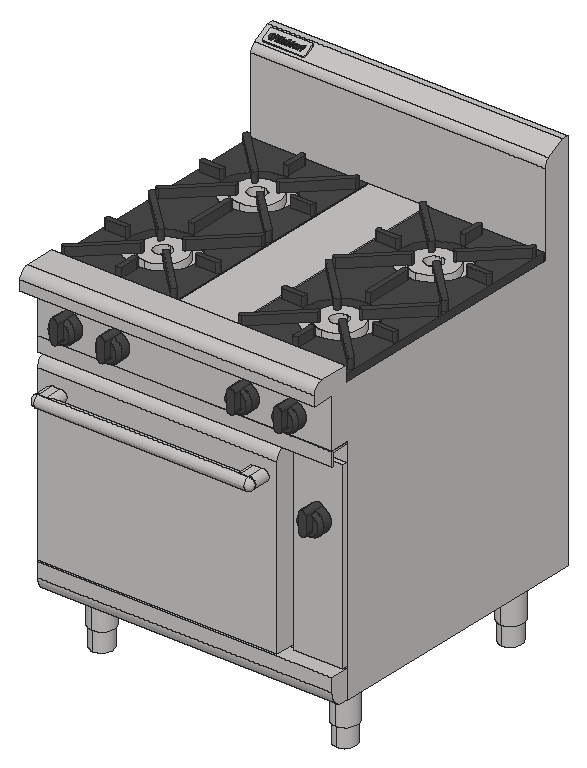
Revit family "QF_MOFFAT WALDORF_RN8510GC", category Specialty Equipment, Revit 2012 (continued)
Lines and regions (mm)
  symbolic lines
    curve 164: arc (375, -583.037, 0) -> (367, -591.037, 0) -> (375, -599.037, 0) r 8
    curve 165: arc (422.424, -599.037, 0) -> (430.424, -591.037, 0) -> (422.424, -583.037, 0) r 8
    curve 166: arc (422.424, -583.037, 0) -> (414.424, -591.037, 0) -> (422.424, -599.037, 0) r 8
    curve 167: arc (327.576, -633.037, 0) -> (335.576, -625.037, 0) -> (327.576, -617.037, 0) r 8
    curve 168: arc (327.576, -617.037, 0) -> (319.576, -625.037, 0) -> (327.576, -633.037, 0) r 8
    curve 169: arc (375, -633.037, 0) -> (383, -625.037, 0) -> (375, -617.037, 0) r 8
    curve 170: arc (375, -617.037, 0) -> (367, -625.037, 0) -> (375, -633.037, 0) r 8
    curve 171: arc (422.424, -633.037, 0) -> (430.424, -625.037, 0) -> (422.424, -617.037, 0) r 8
    curve 172: arc (422.424, -617.037, 0) -> (414.424, -625.037, 0) -> (422.424, -633.037, 0) r 8
    curve 173: arc (327.576, -667.037, 0) -> (335.576, -659.037, 0) -> (327.576, -651.037, 0) r 8
    curve 174: arc (327.576, -651.037, 0) -> (319.576, -659.037, 0) -> (327.576, -667.037, 0) r 8
    curve 175: arc (375, -667.037, 0) -> (383, -659.037, 0) -> (375, -651.037, 0) r 8
    curve 176: arc (375, -651.037, 0) -> (367, -659.037, 0) -> (375, -667.037, 0) r 8
    curve 177: arc (422.424, -667.037, 0) -> (430.424, -659.037, 0) -> (422.424, -651.037, 0) r 8
    curve 178: arc (422.424, -651.037, 0) -> (414.424, -659.037, 0) -> (422.424, -667.037, 0) r 8
    curve 179: arc (600, -180.5, 0) -> (657, -237.5, 0) -> (600, -294.5, 0) r 57
    curve 180: arc (600, -294.5, 0) -> (543, -237.5, 0) -> (600, -180.5, 0) r 57
    curve 181: arc (600, -480.5, 0) -> (657, -537.5, 0) -> (600, -594.5, 0) r 57
    curve 182: arc (600, -594.5, 0) -> (543, -537.5, 0) -> (600, -480.5, 0) r 57
    curve 183: line (744.158, -93.966, 0) -> (628.964, -209.16, 0)
    curve 184: line (599.967, -91.33, 0) -> (599.967, -152.5, 0)
    curve 185: line (745.74, -237.366, 0) -> (685.74, -237.366, 0)
    curve 186: line (628.879, -265.113, 0) -> (743.415, -379.648, 0)
    curve 187: line (572.204, -265.64, 0) -> (462.603, -375.241, 0)
    curve 188: line (573.212, -209.684, 0) -> (463.528, -100, 0)
    curve 189: line (744.158, -681.034, 0) -> (628.964, -565.84, 0)
    curve 190: line (600.012, -683.67, 0) -> (600.012, -622.768, 0)
    curve 191: line (745.74, -537.634, 0) -> (685.74, -537.634, 0)
    curve 192: line (628.879, -509.887, 0) -> (743.415, -395.352, 0)
    curve 193: line (572.204, -509.36, 0) -> (465.344, -402.5, 0)
    curve 194: line (600.012, -452.768, 0) -> (600.012, -334.397, 0)
    curve 195: line (573.212, -565.316, 0) -> (463.611, -674.918, 0)
    curve 196: line (750, -387.5, 0) -> (450, -387.5, 0)
    curve 197: line (454.26, -237.366, 0) -> (514.26, -237.366, 0)
    curve 198: line (454.26, -537.634, 0) -> (514.26, -537.634, 0)
    curve 199: line (295.74, -237.366, 0) -> (235.74, -237.366, 0)
    curve 200: line (295.74, -537.634, 0) -> (235.74, -537.634, 0)
    curve 201: line (474.555, -20.984, 0) -> (454.555, -20.984, 0)
    curve 202: line (454.555, -20.984, 0) -> (454.555, -50.782, 0)
    curve 203: line (454.555, -50.782, 0) -> (474.555, -50.782, 0)
    curve 204: line (474.555, -50.782, 0) -> (474.555, -20.984, 0)
    curve 205: line (502.184, -20.984, 0) -> (482.184, -20.984, 0)
    curve 206: line (482.184, -20.984, 0) -> (482.184, -50.782, 0)
    curve 207: line (482.184, -50.782, 0) -> (502.184, -50.782, 0)
    curve 208: line (502.184, -50.782, 0) -> (502.184, -20.984, 0)
    curve 209: line (529.599, -20.984, 0) -> (509.599, -20.984, 0)
    curve 210: line (509.599, -20.984, 0) -> (509.599, -50.782, 0)
    curve 211: line (509.599, -50.782, 0) -> (529.599, -50.782, 0)
    curve 212: line (529.599, -50.782, 0) -> (529.599, -20.984, 0)
    curve 213: line (557.014, -20.984, 0) -> (537.014, -20.984, 0)
    curve 214: line (537.014, -20.984, 0) -> (537.014, -50.782, 0)
    curve 215: line (537.014, -50.782, 0) -> (557.014, -50.782, 0)
    curve 216: line (557.014, -50.782, 0) -> (557.014, -20.984, 0)
    curve 217: line (584.429, -20.984, 0) -> (564.429, -20.984, 0)
    curve 218: line (564.429, -20.984, 0) -> (564.429, -50.782, 0)
    curve 219: line (564.429, -50.782, 0) -> (584.429, -50.782, 0)
    curve 220: line (584.429, -50.782, 0) -> (584.429, -20.984, 0)
    curve 221: line (611.843, -20.984, 0) -> (591.843, -20.984, 0)
    curve 222: line (591.843, -20.984, 0) -> (591.843, -50.782, 0)
    curve 223: line (591.843, -50.782, 0) -> (611.843, -50.782, 0)
    curve 224: line (611.843, -50.782, 0) -> (611.843, -20.984, 0)
    curve 225: line (300, -70, 0) -> (300, -704, 0)
    curve 226: line (450, -74, 0) -> (450, -701, 0)
    curve 230: arc (150.016, -152.5, 0) -> (235.016, -237.5, 0) -> (150.016, -322.5, 0) r 85
    curve 231: arc (150.016, -322.5, 0) -> (65.016, -237.5, 0) -> (150.016, -152.5, 0) r 85
    curve 232: arc (149.988, -452.768, 0) -> (234.988, -537.768, 0) -> (149.988, -622.768, 0) r 85
    curve 233: arc (149.988, -622.768, 0) -> (64.988, -537.768, 0) -> (149.988, -452.768, 0) r 85
    curve 234: arc (599.967, -322.5, 0) -> (514.967, -237.5, 0) -> (599.967, -152.5, 0) r 85
    curve 235: arc (599.967, -152.5, 0) -> (684.967, -237.5, 0) -> (599.967, -322.5, 0) r 85
    curve 236: arc (600.012, -622.768, 0) -> (515.012, -537.768, 0) -> (600.012, -452.768, 0) r 85
    curve 237: arc (600.012, -452.768, 0) -> (685.012, -537.768, 0) -> (600.012, -622.768, 0) r 85
    curve 238: arc (150, -215.5, 150) -> (172, -237.5, 150) -> (150, -259.5, 150) r 22
    curve 239: arc (150, -259.5, 150) -> (128, -237.5, 150) -> (150, -215.5, 150) r 22
    curve 240: arc (600, -259.5, 150) -> (578, -237.5, 150) -> (600, -215.5, 150) r 22
    curve 241: arc (600, -215.5, 150) -> (622, -237.5, 150) -> (600, -259.5, 150) r 22
    curve 242: arc (600, -515.5, 150) -> (622, -537.5, 150) -> (600, -559.5, 150) r 22
    curve 243: arc (600, -559.5, 150) -> (578, -537.5, 150) -> (600, -515.5, 150) r 22
    curve 244: arc (150, -515.5, 150) -> (172, -537.5, 150) -> (150, -559.5, 150) r 22
    curve 245: arc (150, -559.5, 150) -> (128, -537.5, 150) -> (150, -515.5, 150) r 22
  symbolic lines, visible <- "Show Logo"
    curve 5: line (12.5, -51.234, 0) -> (12.5, -20.958, 0)
    curve 6: line (12.5, -20.958, 0) -> (121.5, -20.958, 0)
    curve 7: line (12.5, -51.234, 0) -> (121.5, -51.234, 0)
    curve 8: line (121.5, -20.958, 0) -> (121.5, -51.234, 0)
  symbolic lines, style "QF_Door-Drawer Clearances", visible <- "Show Clearance"
    curve 227: line (0, -805, 0) -> (0, -1211.516, 0)
    curve 228: line (0, -1211.516, 0) -> (610, -1211.516, 0)
    curve 229: line (610, -1211.516, 0) -> (610, -805, 0)
Dimensions and locks
  equal spacing: plane 3 "LEFT", plane 7 "Center Y", plane 4 "RIGHT"
  plane 3 "LEFT" to plane 4 "RIGHT" = 750 mm
  equal spacing: plane 5 "FRONT", plane 8 "Center X", plane 1 "BACK"
  plane 5 "FRONT" to plane 1 "BACK" = 805 mm  (x2)
  equal spacing: plane 4 "RIGHT", plane 7 "Center Y", plane 3 "LEFT"
  plane 4 "RIGHT" to plane 3 "LEFT" = 750 mm
  plane 6 "TOP" to level = 1130 mm  (x2)
  Extrusion 2 to level = 655 mm
  Extrusion 2 to plane 1 "BACK" = 32 mm
  Extrusion 1 to level = 915 mm
  plane 10 "Base Height" to level = 150 mm
  plane 6 "TOP" to plane 2 = 1130 mm
  locked: plane 2 to Extrusion 1 sketch curve at 875
  locked: plane 2 to Extrusion 1 sketch curve at 915
  Extrusion 4 sketch curve to plane 11 = 64.8 mm
  locked: plane 13 to plane 4 "RIGHT" at 65
  plane 14 to Extrusion 9 sketch curve = 64.8 mm
  plane 1 "BACK" to plane 15 = 500 mm
  aligned and locked: level to plane 2
  aligned and locked: curve 3 to plane 4 "RIGHT"
  aligned and locked: Extrusion 1 to plane 4 "RIGHT"
  aligned and locked: Revolve 6 to plane 13
  aligned and locked: Extrusion 7 to Extrusion 4
Automatic sketch dimensions
  curve 30 to curve 31 = 0 mm  (x2)
  curve 32 to curve 33 = 0 mm  (x2)
  curve 77 to curve 78 = 0 mm  (x2)
  curve 79 to curve 80 = 0 mm  (x2)
  curve 81 to curve 82 = 0 mm  (x2)
  curve 83 to curve 84 = 0 mm  (x2)
  curve 85 to curve 86 = 0 mm  (x2)
  curve 87 to curve 88 = 0 mm  (x2)
  curve 89 to curve 90 = 0 mm  (x2)
  curve 91 to curve 92 = 0 mm  (x2)
  curve 93 to curve 94 = 0 mm  (x2)
  curve 95 to curve 96 = 0 mm  (x2)
  curve 97 to curve 98 = 0 mm  (x2)
  curve 99 to curve 100 = 0 mm  (x2)
  curve 101 to curve 102 = 0 mm  (x2)
  curve 103 to curve 104 = 0 mm  (x2)
  curve 105 to curve 106 = 0 mm  (x2)
  curve 107 to curve 108 = 0 mm  (x2)
  curve 109 to curve 110 = 0 mm  (x2)
  curve 111 to curve 112 = 0 mm  (x2)
  curve 113 to curve 114 = 0 mm  (x2)
  curve 115 to curve 116 = 0 mm  (x2)
  curve 117 to curve 118 = 0 mm  (x2)
  curve 119 to curve 120 = 0 mm  (x2)
  curve 121 to curve 122 = 0 mm  (x2)
  curve 123 to curve 124 = 0 mm  (x2)
  curve 125 to curve 126 = 0 mm  (x2)
  curve 127 to curve 128 = 0 mm  (x2)
  curve 129 to curve 130 = 0 mm  (x2)
  curve 131 to curve 132 = 0 mm  (x2)
  curve 133 to curve 134 = 0 mm  (x2)
  curve 135 to curve 136 = 0 mm  (x2)
  curve 137 to curve 138 = 0 mm  (x2)
  curve 139 to curve 140 = 0 mm  (x2)
  curve 141 to curve 142 = 0 mm  (x2)
  curve 143 to curve 144 = 0 mm  (x2)
  curve 145 to curve 146 = 0 mm  (x2)
  curve 147 to curve 148 = 0 mm  (x2)
  curve 149 to curve 150 = 0 mm  (x2)
  curve 151 to curve 152 = 0 mm  (x2)
  curve 153 to curve 154 = 0 mm  (x2)
  curve 155 to curve 156 = 0 mm  (x2)
  curve 157 to curve 158 = 0 mm  (x2)
  curve 159 to curve 160 = 0 mm  (x2)
  curve 161 to curve 162 = 0 mm  (x2)
  curve 163 to curve 164 = 0 mm  (x2)
  curve 165 to curve 166 = 0 mm  (x2)
  curve 167 to curve 168 = 0 mm  (x2)
  curve 169 to curve 170 = 0 mm  (x2)
  curve 171 to curve 172 = 0 mm  (x2)
  curve 173 to curve 174 = 0 mm  (x2)
  curve 175 to curve 176 = 0 mm  (x2)
  curve 177 to curve 178 = 0 mm  (x2)
  curve 179 to curve 180 = 0 mm  (x2)
  curve 181 to curve 182 = 0 mm  (x2)
  curve 230 to curve 231 = 0 mm  (x2)
  curve 232 to curve 233 = 0 mm  (x2)
  curve 234 to curve 235 = 0 mm  (x2)
  curve 236 to curve 237 = 0 mm  (x2)
  plane 1 "BACK" to curve 1 = 0 mm
  curve 1 to plane 3 "LEFT" = 0 mm
  curve 44 to plane 8 "Center X" = 0 mm
  curve 39 to plane 9 = 0 mm
  curve 109 to plane 7 "Center Y" = 0 mm
  curve 158 to plane 7 "Center Y" = 0 mm
  curve 103 to plane 7 "Center Y" = 0 mm
  curve 163 to plane 7 "Center Y" = 0 mm
  curve 115 to plane 7 "Center Y" = 0 mm
  curve 98 to plane 7 "Center Y" = 0 mm
  curve 92 to plane 7 "Center Y" = 0 mm
  curve 121 to plane 7 "Center Y" = 0 mm
  curve 152 to plane 7 "Center Y" = 0 mm
  curve 169 to plane 7 "Center Y" = 0 mm
  curve 127 to plane 7 "Center Y" = 0 mm
  curve 86 to plane 7 "Center Y" = 0 mm
  curve 80 to plane 7 "Center Y" = 0 mm
  curve 133 to plane 7 "Center Y" = 0 mm
  curve 146 to plane 7 "Center Y" = 0 mm
  curve 175 to plane 7 "Center Y" = 0 mm
  curve 139 to plane 7 "Center Y" = 0 mm
  curve 188 to plane 9 = 0 mm
  curve 193 to plane 8 "Center X" = 0 mm
  plane 5 "FRONT" to curve 229 = 0 mm
  plane 3 "LEFT" to curve 36 = 4.26 mm
  plane 3 "LEFT" to curve 42 = 4.26 mm
  plane 3 "LEFT" to curve 34 = 5.842 mm
  plane 3 "LEFT" to curve 40 = 5.842 mm
  plane 3 "LEFT" to curve 43 = 6.585 mm
  plane 3 "LEFT" to curve 37 = 6.585 mm
  plane 3 "LEFT" to curve 7 = 12.5 mm
  curve 42 to curve 42 = 60 mm
  curve 36 to curve 36 = 60 mm
  curve 36 to curve 34 = 56.776 mm
  curve 40 to plane 17 = 59.16 mm
  curve 42 to curve 40 = 56.776 mm
  curve 43 to plane 15 = 9.887 mm
  curve 40 to curve 43 = 0.085 mm
  curve 34 to curve 37 = 0.085 mm
  plane 9 to curve 8 = 48.766 mm
  curve 5 to curve 8 = 109 mm
  curve 7 to curve 10 = 6.5 mm
  curve 10 to curve 13 = 20 mm
  curve 41 to plane 17 = 2.232 mm
  curve 40 to curve 41 = 28.952 mm
  curve 45 to curve 33 = 0.012 mm
  curve 34 to curve 31 = 28.964 mm
  curve 31 to curve 231 = 0.016 mm
  curve 12 to curve 17 = 6.789 mm
  curve 14 to curve 15 = 20 mm
  curve 231 to curve 39 = 26.771 mm
  curve 46 to plane 17 = 59.684 mm
  curve 233 to curve 46 = 26.8 mm
  curve 231 to curve 38 = 27.779 mm
  curve 44 to plane 15 = 9.36 mm
  curve 32 to curve 44 = 27.796 mm
  curve 15 to curve 18 = 7.678 mm
  curve 20 to curve 20 = 20 mm
  curve 19 to curve 23 = 6.624 mm
  curve 23 to curve 25 = 20 mm
  curve 24 to curve 27 = 6.624 mm
  curve 44 to curve 200 = 57.944 mm
  curve 38 to curve 199 = 57.944 mm
  curve 27 to curve 29 = 20 mm
  curve 28 to curve 51 = 6.936 mm
  curve 49 to curve 49 = 20 mm
  curve 44 to plane 7 "Center Y" = 90.344 mm
  curve 46 to plane 7 "Center Y" = 88.611 mm
  curve 51 to curve 39 = 3.82 mm
  plane 8 "Center X" to curve 38 = 27.259 mm
  curve 44 to curve 38 = 2.741 mm
  curve 49 to curve 53 = 7.415 mm
  curve 199 to curve 199 = 60 mm
  curve 200 to curve 200 = 60 mm
  curve 38 to curve 48 = 12.603 mm
  curve 54 to curve 55 = 20 mm
  curve 53 to curve 57 = 7.415 mm
  plane 15 to curve 144 = 10.963 mm
  curve 144 to curve 145 = 47.424 mm
  curve 161 to curve 163 = 47.424 mm
  curve 107 to curve 109 = 47.424 mm
  curve 138 to curve 143 = 0 mm
  curve 77 to plane 9 = 15.037 mm
  curve 39 to curve 77 = 41.104 mm
  curve 149 to curve 143 = 0 mm
  curve 132 to curve 137 = 0 mm
  curve 46 to curve 174 = 41.187 mm
  curve 83 to curve 77 = 0 mm
  plane 8 "Center X" to curve 126 = 7.463 mm
  curve 126 to curve 131 = 0 mm
  curve 89 to curve 83 = 0 mm
  curve 120 to curve 125 = 0 mm
  plane 17 to curve 168 = 8.037 mm
  curve 168 to curve 173 = 0 mm
  curve 95 to curve 89 = 0 mm
  curve 155 to curve 161 = 0 mm
  curve 114 to curve 119 = 0 mm
  curve 101 to curve 95 = 0 mm
  curve 58 to curve 59 = 20 mm
  curve 57 to curve 62 = 7.415 mm
  curve 63 to plane 7 "Center Y" = 10.104 mm
  curve 65 to plane 7 "Center Y" = 2.689 mm
  plane 7 "Center Y" to curve 65 = 17.311 mm
  curve 65 to curve 70 = 7.415 mm
  curve 70 to curve 71 = 20 mm
  plane 15 to curve 147 = 2.963 mm
  plane 7 "Center Y" to curve 147 = 47.424 mm
  curve 135 to plane 8 "Center X" = 18.537 mm
  plane 7 "Center Y" to curve 135 = 47.424 mm
  plane 8 "Center X" to curve 130 = 7.463 mm
  curve 130 to curve 135 = 0 mm
  curve 124 to curve 129 = 0 mm
  curve 153 to curve 147 = 0 mm
  curve 118 to curve 123 = 0 mm
  curve 112 to curve 117 = 0 mm
  curve 159 to curve 153 = 0 mm
  curve 106 to curve 111 = 0 mm
  curve 100 to curve 105 = 0 mm
  curve 165 to curve 159 = 0 mm
  curve 94 to curve 99 = 0 mm
  curve 88 to curve 93 = 0 mm
  plane 17 to curve 171 = 0.037 mm
  curve 171 to curve 165 = 0 mm
  curve 82 to curve 87 = 0 mm
  curve 141 to curve 147 = 0 mm
  curve 177 to curve 171 = 0 mm
  curve 71 to curve 74 = 7.415 mm
  curve 74 to curve 76 = 20 mm
  curve 129 to curve 196 = 27.576 mm
  curve 153 to curve 198 = 31.836 mm
  curve 105 to curve 197 = 31.836 mm
  curve 75 to curve 202 = 7.415 mm
  plane 8 "Center X" to curve 187 = 27.259 mm
  curve 196 to curve 187 = 12.603 mm
  curve 226 to curve 188 = 13.528 mm
  curve 226 to curve 195 = 13.611 mm
  curve 196 to curve 193 = 15.344 mm
  curve 201 to curve 201 = 20 mm
  curve 201 to curve 205 = 7.629 mm
  curve 206 to curve 207 = 20 mm
  curve 207 to curve 211 = 7.415 mm
  curve 197 to curve 197 = 60 mm
  curve 198 to curve 198 = 60 mm
  curve 209 to curve 212 = 20 mm
  curve 209 to curve 213 = 7.415 mm
  curve 213 to curve 216 = 20 mm
  curve 215 to curve 219 = 7.415 mm
  curve 187 to plane 12 = 47.796 mm
  curve 193 to plane 15 = 9.36 mm
  curve 193 to plane 12 = 47.796 mm
  curve 188 to plane 12 = 46.788 mm
  curve 195 to plane 12 = 46.788 mm
  curve 217 to curve 217 = 20 mm
  curve 219 to curve 223 = 7.415 mm
  curve 229 to plane 12 = 10 mm
  curve 234 to plane 12 = 20.033 mm
  curve 180 to plane 12 = 20 mm
  curve 182 to plane 12 = 20 mm
  curve 237 to plane 17 = 2.232 mm
  curve 237 to plane 12 = 19.988 mm
  curve 224 to plane 12 = 8.157 mm
  plane 12 to curve 192 = 8.879 mm
  plane 12 to curve 186 = 8.879 mm
  plane 12 to curve 189 = 8.964 mm
  plane 12 to curve 183 = 8.964 mm
  curve 191 to plane 13 = 0.74 mm
  curve 185 to plane 13 = 0.74 mm
  plane 4 "RIGHT" to curve 186 = 6.585 mm
  plane 4 "RIGHT" to curve 192 = 6.585 mm
  plane 4 "RIGHT" to curve 183 = 5.842 mm
  plane 4 "RIGHT" to curve 189 = 5.842 mm
  plane 4 "RIGHT" to curve 191 = 4.26 mm
  plane 4 "RIGHT" to curve 185 = 4.26 mm
  curve 227 to curve 1 = 406.516 mm
  plane 17 to curve 9 = 80 mm
  curve 225 to curve 167 = 70.963 mm
  plane 17 to curve 226 = 76 mm
  plane 17 to curve 190 = 58.67 mm
  plane 17 to curve 41 = 58.67 mm
  curve 9 to curve 189 = 23.966 mm
  curve 9 to curve 40 = 23.966 mm
  curve 225 to curve 46 = 29.082 mm
  curve 226 to curve 195 = 26.082 mm
  plane 17 to curve 175 = 42.037 mm
  curve 173 to curve 167 = 34 mm
  curve 195 to curve 177 = 7.88 mm
  curve 175 to curve 176 = 8 mm
  curve 173 to curve 173 = 8 mm
  curve 177 to curve 178 = 8 mm
  plane 17 to curve 170 = 8.037 mm
  curve 171 to curve 171 = 8 mm
  plane 17 to curve 170 = 0.037 mm
  plane 17 to curve 167 = 0.037 mm
  curve 171 to curve 165 = 18 mm
  curve 169 to curve 163 = 18 mm
  curve 167 to curve 162 = 18 mm
  curve 41 to curve 33 = 28.268 mm
  curve 190 to curve 182 = 28.268 mm
  curve 165 to curve 165 = 8 mm
  curve 163 to curve 163 = 8 mm
  curve 161 to curve 162 = 8 mm
  curve 181 to curve 189 = 28.66 mm
  curve 182 to curve 195 = 29.184 mm
  curve 163 to curve 158 = 18 mm
  curve 161 to curve 155 = 18 mm
  curve 165 to curve 160 = 18 mm
  curve 159 to curve 160 = 8 mm
  curve 157 to curve 157 = 8 mm
  curve 155 to curve 156 = 8 mm
  curve 237 to plane 15 = 37.768 mm
  curve 233 to plane 15 = 37.768 mm
  curve 191 to plane 15 = 37.634 mm
  curve 200 to plane 15 = 37.634 mm
  curve 198 to plane 15 = 37.634 mm
  curve 42 to plane 15 = 37.634 mm
  curve 237 to curve 182 = 0.268 mm
  curve 233 to curve 32 = 0.268 mm
  curve 159 to curve 153 = 18 mm
  curve 155 to curve 149 = 18 mm
  curve 157 to curve 152 = 18 mm
  curve 153 to curve 154 = 8 mm
  curve 151 to curve 151 = 8 mm
  curve 149 to curve 150 = 8 mm
  curve 192 to plane 15 = 9.887 mm
  plane 15 to curve 145 = 2.963 mm
  plane 15 to curve 143 = 2.963 mm
  curve 145 to curve 145 = 8 mm
  curve 147 to curve 148 = 8 mm
  curve 147 to curve 142 = 18 mm
  curve 145 to curve 139 = 18 mm
  curve 143 to curve 138 = 18 mm
  curve 141 to curve 142 = 8 mm
  curve 137 to curve 138 = 8 mm
  curve 139 to curve 140 = 8 mm
  curve 137 to curve 132 = 18 mm
  curve 139 to curve 134 = 18 mm
  curve 136 to curve 135 = 8 mm
  curve 133 to curve 134 = 8 mm
  curve 131 to curve 131 = 8 mm
  plane 8 "Center X" to curve 192 = 7.148 mm
  plane 8 "Center X" to curve 43 = 7.148 mm
  plane 8 "Center X" to curve 128 = 7.463 mm
  curve 192 to curve 196 = 7.852 mm
  plane 8 "Center X" to curve 48 = 15 mm
  curve 129 to curve 130 = 8 mm
  curve 127 to curve 128 = 8 mm
  curve 125 to curve 125 = 8 mm
  curve 48 to curve 37 = 7.852 mm
  curve 196 to curve 186 = 7.852 mm
  curve 129 to curve 124 = 18 mm
  curve 125 to curve 119 = 18 mm
  curve 127 to curve 122 = 18 mm
  curve 123 to curve 124 = 8 mm
  curve 121 to curve 122 = 8 mm
  curve 119 to curve 120 = 8 mm
  plane 8 "Center X" to curve 45 = 68.103 mm
  plane 8 "Center X" to curve 194 = 68.103 mm
  curve 121 to curve 115 = 18 mm
  curve 119 to curve 113 = 18 mm
  curve 123 to curve 118 = 18 mm
  curve 45 to curve 231 = 11.897 mm
  curve 194 to curve 235 = 11.897 mm
  curve 117 to curve 118 = 8 mm
  curve 113 to curve 114 = 8 mm
  curve 115 to curve 115 = 8 mm
  curve 234 to curve 179 = 28 mm
  curve 230 to curve 31 = 28 mm
  curve 117 to curve 112 = 18 mm
  curve 113 to curve 108 = 18 mm
  curve 115 to curve 110 = 18 mm
  curve 109 to curve 109 = 8 mm
  curve 111 to curve 112 = 8 mm
  curve 107 to curve 108 = 8 mm
  curve 180 to curve 187 = 28.86 mm
  curve 31 to curve 38 = 28.86 mm
  curve 179 to curve 186 = 29.387 mm
  curve 31 to curve 37 = 29.387 mm
  curve 111 to curve 106 = 18 mm
  curve 107 to curve 101 = 18 mm
  curve 109 to curve 103 = 18 mm
  curve 101 to curve 102 = 8 mm
  curve 103 to curve 103 = 8 mm
  curve 105 to curve 106 = 8 mm
  curve 187 to curve 234 = 28.14 mm
  curve 38 to curve 231 = 28.14 mm
  curve 235 to curve 179 = 0 mm
  curve 230 to curve 30 = 0 mm
  curve 105 to curve 197 = 5.671 mm
  curve 37 to curve 36 = 27.747 mm
  curve 186 to curve 185 = 27.747 mm
  curve 101 to curve 199 = 5.671 mm
  curve 101 to curve 95 = 18 mm
  curve 105 to curve 99 = 18 mm
  curve 103 to curve 97 = 18 mm
  curve 99 to curve 100 = 8 mm
  curve 97 to curve 98 = 8 mm
  curve 95 to curve 96 = 8 mm
  curve 231 to curve 39 = 27.816 mm
  curve 234 to curve 188 = 27.816 mm
  curve 180 to curve 183 = 28.34 mm
  curve 31 to curve 34 = 28.34 mm
  curve 99 to curve 93 = 18 mm
  curve 97 to curve 91 = 18 mm
  curve 95 to curve 89 = 18 mm
  curve 89 to curve 90 = 8 mm
  curve 93 to curve 94 = 8 mm
  curve 91 to curve 91 = 8 mm
  curve 89 to curve 83 = 18 mm
  curve 91 to curve 85 = 18 mm
  curve 93 to curve 87 = 18 mm
  curve 87 to curve 88 = 8 mm
  curve 83 to curve 83 = 8 mm
  curve 85 to curve 85 = 8 mm
  curve 87 to curve 81 = 18 mm
  curve 77 to curve 77 = 8 mm
  curve 85 to curve 80 = 18 mm
  curve 81 to curve 82 = 8 mm
  curve 79 to curve 80 = 8 mm
  plane 9 to curve 34 = 6.034 mm
  plane 9 to curve 183 = 6.034 mm
  plane 9 to curve 35 = 8.67 mm
  plane 9 to curve 184 = 8.67 mm
  plane 9 to curve 226 = 26 mm
  curve 47 to curve 5 = 18.766 mm
  curve 184 to curve 219 = 40.547 mm
  curve 219 to curve 222 = 0 mm
  curve 225 to curve 50 = 19.218 mm
  curve 51 to curve 54 = 0 mm
  curve 7 to curve 13 = 0.452 mm
  curve 55 to curve 58 = 0 mm
  curve 29 to curve 50 = 0 mm
  curve 59 to curve 62 = 0 mm
  curve 216 to curve 218 = 0 mm
  curve 25 to curve 27 = 0 mm
  curve 63 to curve 66 = 0 mm
  curve 67 to curve 70 = 0 mm
  curve 212 to curve 214 = 0 mm
  curve 21 to curve 23 = 0 mm
  curve 208 to curve 210 = 0 mm
  curve 71 to curve 74 = 0 mm
  curve 12 to curve 17 = 0 mm
  curve 204 to curve 206 = 0 mm
  plane 1 "BACK" to curve 202 = 20.984 mm
  plane 1 "BACK" to curve 14 = 20.984 mm
  plane 1 "BACK" to curve 205 = 20.984 mm
  curve 15 to curve 18 = 0 mm
  plane 1 "BACK" to curve 209 = 20.984 mm
  plane 1 "BACK" to curve 22 = 20.984 mm
  plane 1 "BACK" to curve 213 = 20.984 mm
  plane 1 "BACK" to curve 26 = 20.984 mm
  plane 1 "BACK" to curve 217 = 20.984 mm
  plane 1 "BACK" to curve 49 = 20.984 mm
  plane 1 "BACK" to curve 221 = 20.984 mm
  plane 1 "BACK" to curve 53 = 20.984 mm
  plane 1 "BACK" to curve 57 = 20.984 mm
  curve 12 to curve 14 = 0 mm
  plane 1 "BACK" to curve 61 = 20.984 mm
  plane 1 "BACK" to curve 65 = 20.984 mm
  curve 76 to curve 201 = 0 mm
  curve 69 to curve 73 = 0 mm
  curve 10 to curve 6 = 0.026 mm
  Extrusion 1 sketch curve to plane 5 "FRONT" = 0 mm
  Extrusion 1 sketch curve to plane 10 "Base Height" = 0 mm  (x2)
  Extrusion 1 sketch curve to plane 6 "TOP" = 0 mm
  Extrusion 1 sketch curve to plane 1 "BACK" = 0 mm
  Extrusion 1 sketch curve to plane 5 "FRONT" = 24 mm
  Extrusion 1 sketch curve to plane 5 "FRONT" = 56 mm  (x2)
  Extrusion 1 sketch curve to Extrusion 1 sketch curve = 0 mm  (x2)
  Extrusion 1 sketch curve to Extrusion 1 sketch curve = 3.02 mm
  Extrusion 1 sketch curve to Extrusion 1 sketch curve = 23.174 mm
  Extrusion 1 sketch curve to Extrusion 1 sketch curve = 38 mm
  Extrusion 1 sketch curve to Extrusion 1 sketch curve = 44 mm
  Extrusion 1 sketch curve to Extrusion 1 sketch curve = 10 mm
  Extrusion 1 sketch curve to Extrusion 1 sketch curve = 44.98 mm
  Extrusion 1 sketch curve to Extrusion 1 sketch curve = 21.805 mm
  Extrusion 1 sketch curve to Extrusion 1 sketch curve = 2 mm  (x2)
  plane 9 to Extrusion 1 sketch curve = 30 mm
  Extrusion 1 sketch curve to Extrusion 1 sketch curve = 11.291 mm
  Extrusion 1 sketch curve to Extrusion 1 sketch curve = 22.582 mm
  plane 1 "BACK" to Extrusion 1 sketch curve = 16.5 mm
  Extrusion 1 sketch curve to Extrusion 1 sketch curve = 34.5 mm
  Extrusion 1 sketch curve to Extrusion 1 sketch curve = 5 mm
  Extrusion 1 sketch curve to Extrusion 1 sketch curve = 208.695 mm
  Extrusion 1 sketch curve to Extrusion 1 sketch curve = 10.5 mm
  Extrusion 1 sketch curve to Extrusion 1 sketch curve = 42.5 mm
  Extrusion 1 sketch curve to Extrusion 1 sketch curve = 3 mm
  Extrusion 1 sketch curve to Extrusion 1 sketch curve = 25 mm
  Extrusion 1 sketch curve to plane 6 "TOP" = 43.926 mm
  plane 12 to Extrusion 2 sketch curve = 0.062 mm
  plane 1 "BACK" to Extrusion 2 sketch curve = 32 mm
  Extrusion 1 to Split face 1 sketch curve = 5.177 mm
  Split face 1 sketch curve to Extrusion 1 = 9.153 mm
  Split face 1 sketch curve to Extrusion 1 = 128 mm
  Split face 1 sketch curve to Split face 1 sketch curve = 20 mm
  Extrusion 1 to Split face 2 sketch curve = 5.177 mm
  Split face 2 sketch curve to Extrusion 1 = 9.153 mm
  Split face 2 sketch curve to Extrusion 1 = 154.789 mm
  Split face 2 sketch curve to Split face 2 sketch curve = 20 mm
  Extrusion 1 to Split face 3 sketch curve = 5.177 mm
  Split face 3 sketch curve to Extrusion 1 = 9.153 mm
  Split face 3 sketch curve to Extrusion 1 = 182.467 mm
  Split face 3 sketch curve to Split face 3 sketch curve = 20 mm
  Extrusion 1 to Split face 4 sketch curve = 5.177 mm
  Split face 4 sketch curve to Extrusion 1 = 9.153 mm
  Split face 4 sketch curve to Extrusion 1 = 209.091 mm
  Split face 4 sketch curve to Split face 4 sketch curve = 20 mm
  Extrusion 1 to Split face 5 sketch curve = 5.177 mm
  Split face 5 sketch curve to Extrusion 1 = 9.153 mm
  Split face 5 sketch curve to Extrusion 1 = 235.715 mm
  Split face 5 sketch curve to Split face 5 sketch curve = 20 mm
  Extrusion 1 to Split face 6 sketch curve = 5.177 mm
  Split face 6 sketch curve to Extrusion 1 = 9.153 mm
  Split face 6 sketch curve to Extrusion 1 = 262.866 mm
  Split face 6 sketch curve to Split face 6 sketch curve = 20 mm
  Extrusion 1 to Split face 7 sketch curve = 5.177 mm
  Split face 7 sketch curve to Extrusion 1 = 9.153 mm
  Split face 7 sketch curve to Extrusion 1 = 290.281 mm
  Split face 7 sketch curve to Split face 7 sketch curve = 20 mm
  Revolve 3 sketch curve to plane 10 "Base Height" = 0 mm
  Revolve 3 sketch curve to level = 0 mm
  Revolve 3 sketch curve to plane 9 = 0 mm  (x2)
  Revolve 3 sketch curve to Revolve 3 sketch curve = 27.5 mm
  Revolve 3 sketch curve to Revolve 3 sketch curve = 31.75 mm
  Revolve 3 sketch curve to Revolve 3 sketch curve = 55 mm
  level to Revolve 3 sketch curve = 50 mm
  Revolve 3 sketch curve to Revolve 3 sketch curve = 0 mm
  plane 9 to Extrusion 4 sketch curve = 29 mm
  Extrusion 4 sketch curve to Extrusion 4 sketch curve = 3 mm  (x3)
  plane 17 to Extrusion 4 sketch curve = 76 mm  (x2)
  Extrusion 4 sketch curve to plane 11 = 84.2 mm  (x2)
  Extrusion 4 sketch curve to plane 7 "Center Y" = 78 mm
  Extrusion 5 sketch curve to Extrusion 4 = 22.602 mm  (x4)
  Extrusion 5 sketch curve to Extrusion 4 = 23.33 mm  (x2)
  Extrusion 5 sketch curve to Extrusion 5 sketch curve = 4.525 mm  (x32)
  Extrusion 5 sketch curve to Extrusion 5 sketch curve = 49.381 mm  (x9)
  Extrusion 5 sketch curve to Extrusion 5 sketch curve = 57.814 mm  (x2)
  Extrusion 5 sketch curve to Extrusion 5 sketch curve = 0 mm  (x9)
  Extrusion 5 sketch curve to Extrusion 5 sketch curve = 20.39 mm  (x4)
  Extrusion 5 sketch curve to Extrusion 4 = 9.26 mm  (x2)
  Extrusion 5 sketch curve to Extrusion 5 sketch curve = 6.4 mm  (x14)
  Extrusion 5 sketch curve to Extrusion 5 sketch curve = 53.847 mm  (x16)
  Extrusion 5 sketch curve to Extrusion 5 sketch curve = 55.923 mm  (x4)
  Extrusion 5 sketch curve to Extrusion 5 sketch curve = 128.581 mm  (x4)
  Extrusion 5 sketch curve to Extrusion 4 = 5.102 mm  (x4)
  Extrusion 5 sketch curve to Extrusion 4 = 6.102 mm  (x2)
  Extrusion 5 sketch curve to Extrusion 5 sketch curve = 12.205 mm  (x4)
  Extrusion 5 sketch curve to Extrusion 4 = 15.153 mm  (x2)
  Extrusion 5 sketch curve to Extrusion 5 sketch curve = 116.204 mm  (x2)
  Extrusion 5 sketch curve to Extrusion 5 sketch curve = 20.658 mm  (x4)
  Extrusion 5 sketch curve to Extrusion 5 sketch curve = 54.406 mm  (x2)
  Extrusion 5 sketch curve to Extrusion 4 = 31.653 mm  (x4)
  Extrusion 5 sketch curve to Extrusion 4 = 26.738 mm  (x2)
  Extrusion 5 sketch curve to Extrusion 4 = 8.879 mm  (x2)
  Extrusion 5 sketch curve to Extrusion 5 sketch curve = 54.765 mm  (x4)
  Extrusion 5 sketch curve to Extrusion 5 sketch curve = 20.524 mm  (x6)
  Extrusion 5 sketch curve to Extrusion 4 = 58.641 mm
  Extrusion 4 to Extrusion 5 sketch curve = 156.102 mm  (x3)
  Extrusion 5 sketch curve to Extrusion 5 sketch curve = 9.051 mm
  Extrusion 5 sketch curve to Extrusion 5 sketch curve = 3.158 mm  (x2)
  Extrusion 5 sketch curve to Extrusion 5 sketch curve = 55.384 mm  (x2)
  Extrusion 5 sketch curve to Extrusion 5 sketch curve = 128.447 mm  (x3)
  Revolve 6 sketch curve to plane 10 "Base Height" = 0 mm
  Revolve 6 sketch curve to level = 0 mm
  Revolve 6 sketch curve to plane 9 = 0 mm  (x2)
  Revolve 6 sketch curve to Revolve 6 sketch curve = 27.5 mm
  Revolve 6 sketch curve to Revolve 6 sketch curve = 31.75 mm
  level to Revolve 6 sketch curve = 50 mm
  Revolve 6 sketch curve to Revolve 6 sketch curve = 0 mm
  Revolve 6 sketch curve to Revolve 6 sketch curve = 55 mm
  Extrusion 1 to Split face 8 sketch curve = 5.177 mm
  Split face 8 sketch curve to Extrusion 1 = 9.153 mm
  Split face 8 sketch curve to Extrusion 1 = 317.696 mm
  Split face 8 sketch curve to Split face 8 sketch curve = 20 mm
  Extrusion 1 to Split face 9 sketch curve = 5.177 mm
  Split face 9 sketch curve to Extrusion 1 = 9.153 mm
  Split face 9 sketch curve to Extrusion 1 = 345.11 mm
  Split face 9 sketch curve to Split face 9 sketch curve = 20 mm
  Extrusion 1 to Split face 10 sketch curve = 5.177 mm
  Split face 10 sketch curve to Extrusion 1 = 9.153 mm
  Split face 10 sketch curve to Extrusion 1 = 372.525 mm
  Split face 10 sketch curve to Split face 10 sketch curve = 20 mm
  Extrusion 1 to Split face 11 sketch curve = 5.177 mm
  Split face 11 sketch curve to Extrusion 1 = 9.153 mm
  Split face 11 sketch curve to Extrusion 1 = 350.06 mm
  Split face 11 sketch curve to Split face 11 sketch curve = 20 mm
  Extrusion 1 to Split face 12 sketch curve = 5.177 mm
  Split face 12 sketch curve to Extrusion 1 = 9.153 mm
  Split face 12 sketch curve to Extrusion 1 = 322.645 mm
  Split face 12 sketch curve to Split face 12 sketch curve = 20 mm
  Extrusion 1 to Split face 13 sketch curve = 5.177 mm
  Split face 13 sketch curve to Extrusion 1 = 9.153 mm
  Split face 13 sketch curve to Extrusion 1 = 295.23 mm
  Split face 13 sketch curve to Split face 13 sketch curve = 20 mm
  Extrusion 1 to Split face 14 sketch curve = 5.177 mm
  Split face 14 sketch curve to Extrusion 1 = 9.153 mm
  Split face 14 sketch curve to Extrusion 1 = 267.816 mm
  Split face 14 sketch curve to Split face 14 sketch curve = 20 mm
  Extrusion 1 to Split face 15 sketch curve = 5.177 mm
  Split face 15 sketch curve to Extrusion 1 = 9.153 mm
  Split face 15 sketch curve to Extrusion 1 = 240.401 mm
  Split face 15 sketch curve to Split face 15 sketch curve = 20 mm
  Extrusion 1 to Split face 16 sketch curve = 5.177 mm
  Split face 16 sketch curve to Extrusion 1 = 9.153 mm
  Split face 16 sketch curve to Extrusion 1 = 212.986 mm
  Split face 16 sketch curve to Split face 16 sketch curve = 20 mm
  Extrusion 1 to Split face 17 sketch curve = 5.177 mm
  Split face 17 sketch curve to Extrusion 1 = 9.153 mm
  Split face 17 sketch curve to Extrusion 1 = 185.571 mm
  Split face 17 sketch curve to Split face 17 sketch curve = 20 mm
  Extrusion 1 to Split face 18 sketch curve = 5.177 mm
  Split face 18 sketch curve to Extrusion 1 = 9.153 mm
  Split face 18 sketch curve to Extrusion 1 = 158.157 mm
  Split face 18 sketch curve to Split face 18 sketch curve = 20 mm
  Extrusion 1 to Extrusion 7 sketch curve = 0 mm
  Extrusion 7 sketch curve to Extrusion 1 = 1 mm
  Extrusion 1 to Extrusion 7 sketch curve = 300 mm
  Extrusion 7 sketch curve to Extrusion 7 sketch curve = 150 mm
  Extrusion 8 sketch curve to Extrusion 1 = 0 mm
  Extrusion 1 to Extrusion 8 sketch curve = 26.195 mm
  Extrusion 8 sketch curve to Extrusion 1 = 125 mm
  Extrusion 8 sketch curve to Extrusion 8 sketch curve = 15 mm
  Split face 19 sketch curve to Extrusion 7 = 45.037 mm
  Split face 19 sketch curve to Extrusion 7 = 27.576 mm
  Split face 20 sketch curve to Extrusion 7 = 45.037 mm
  Split face 20 sketch curve to Extrusion 7 = 75 mm
  Split face 21 sketch curve to Extrusion 7 = 45.037 mm
  Split face 21 sketch curve to Extrusion 7 = 27.576 mm
  Split face 22 sketch curve to Extrusion 7 = 27.576 mm
  Split face 22 sketch curve to Extrusion 7 = 79.037 mm
  Split face 23 sketch curve to Extrusion 7 = 79.037 mm
  Split face 23 sketch curve to Extrusion 7 = 75 mm
  Split face 24 sketch curve to Extrusion 7 = 27.576 mm
  Split face 24 sketch curve to Extrusion 7 = 79.037 mm
  Split face 25 sketch curve to Extrusion 7 = 27.576 mm
  Split face 25 sketch curve to Extrusion 7 = 113.037 mm
  Split face 26 sketch curve to Extrusion 7 = 113.037 mm
  Split face 26 sketch curve to Extrusion 7 = 75 mm
  Split face 27 sketch curve to Extrusion 7 = 27.576 mm
  Split face 27 sketch curve to Extrusion 7 = 113.037 mm
  Split face 28 sketch curve to Extrusion 7 = 27.576 mm
  Split face 28 sketch curve to Extrusion 7 = 147.037 mm
  Split face 29 sketch curve to Extrusion 7 = 147.037 mm
  Split face 29 sketch curve to Extrusion 7 = 75 mm
  Split face 30 sketch curve to Extrusion 7 = 27.576 mm
  Split face 30 sketch curve to Extrusion 7 = 147.037 mm
  Split face 31 sketch curve to Extrusion 7 = 27.576 mm
  Split face 31 sketch curve to Extrusion 7 = 181.037 mm
  Split face 32 sketch curve to Extrusion 7 = 75 mm
  Split face 32 sketch curve to Extrusion 7 = 181.037 mm
  Split face 33 sketch curve to Extrusion 7 = 27.576 mm
  Split face 33 sketch curve to Extrusion 7 = 181.037 mm
  Split face 34 sketch curve to Extrusion 7 = 27.576 mm
  Split face 34 sketch curve to Extrusion 7 = 215.037 mm
  Split face 35 sketch curve to Extrusion 7 = 75 mm
  Split face 35 sketch curve to Extrusion 7 = 215.037 mm
  Split face 36 sketch curve to Extrusion 7 = 27.576 mm
  Split face 36 sketch curve to Extrusion 7 = 215.037 mm
  Split face 37 sketch curve to Extrusion 7 = 27.576 mm
  Split face 37 sketch curve to Extrusion 7 = 249.037 mm
  Split face 38 sketch curve to Extrusion 7 = 75 mm
  Split face 38 sketch curve to Extrusion 7 = 249.037 mm
  Split face 39 sketch curve to Extrusion 7 = 27.576 mm
  Split face 39 sketch curve to Extrusion 7 = 249.037 mm
  Split face 40 sketch curve to Extrusion 7 = 27.576 mm
  Split face 40 sketch curve to Extrusion 7 = 283.037 mm
  Split face 41 sketch curve to Extrusion 7 = 75 mm
  Split face 41 sketch curve to Extrusion 7 = 283.037 mm
  Split face 42 sketch curve to Extrusion 7 = 27.576 mm
  Split face 42 sketch curve to Extrusion 7 = 283.037 mm
  Split face 43 sketch curve to Extrusion 7 = 27.576 mm
  Split face 43 sketch curve to Extrusion 7 = 316.963 mm
  Split face 44 sketch curve to Extrusion 7 = 75 mm
  Split face 44 sketch curve to Extrusion 7 = 316.963 mm
  Split face 45 sketch curve to Extrusion 7 = 27.576 mm
  Split face 45 sketch curve to Extrusion 7 = 316.963 mm
  Split face 46 sketch curve to Extrusion 7 = 27.576 mm
  Split face 46 sketch curve to Extrusion 7 = 282.963 mm
  Split face 47 sketch curve to Extrusion 7 = 75 mm
  Split face 47 sketch curve to Extrusion 7 = 282.963 mm
  Split face 48 sketch curve to Extrusion 7 = 27.576 mm
  Split face 48 sketch curve to Extrusion 7 = 282.963 mm
  Split face 49 sketch curve to Extrusion 7 = 27.576 mm
  Split face 49 sketch curve to Extrusion 7 = 248.963 mm
  Split face 50 sketch curve to Extrusion 7 = 75 mm
  Split face 50 sketch curve to Extrusion 7 = 248.963 mm
  Split face 51 sketch curve to Extrusion 7 = 27.576 mm
  Split face 51 sketch curve to Extrusion 7 = 248.963 mm
  Split face 52 sketch curve to Extrusion 7 = 27.576 mm
  Split face 52 sketch curve to Extrusion 7 = 214.963 mm
  Split face 53 sketch curve to Extrusion 7 = 75 mm
  Split face 53 sketch curve to Extrusion 7 = 214.963 mm
  Split face 54 sketch curve to Extrusion 7 = 27.576 mm
  Split face 54 sketch curve to Extrusion 7 = 214.963 mm
  Split face 55 sketch curve to Extrusion 7 = 27.576 mm
  Split face 55 sketch curve to Extrusion 7 = 180.963 mm
  Split face 56 sketch curve to Extrusion 7 = 75 mm
  Split face 56 sketch curve to Extrusion 7 = 180.963 mm
  Split face 57 sketch curve to Extrusion 7 = 27.576 mm
  Split face 57 sketch curve to Extrusion 7 = 180.963 mm
  Split face 58 sketch curve to Extrusion 7 = 27.576 mm
  Split face 58 sketch curve to Extrusion 7 = 146.963 mm
  Split face 59 sketch curve to Extrusion 7 = 146.963 mm
  Split face 59 sketch curve to Extrusion 7 = 75 mm
  Split face 60 sketch curve to Extrusion 7 = 27.576 mm
  Split face 60 sketch curve to Extrusion 7 = 146.963 mm
  Split face 61 sketch curve to Extrusion 7 = 27.576 mm
  Split face 61 sketch curve to Extrusion 7 = 112.963 mm
  Split face 62 sketch curve to Extrusion 7 = 112.963 mm
  Split face 62 sketch curve to Extrusion 7 = 75 mm
  Split face 63 sketch curve to Extrusion 7 = 27.576 mm
  Split face 63 sketch curve to Extrusion 7 = 112.963 mm
  Split face 64 sketch curve to Extrusion 7 = 27.576 mm
  Split face 64 sketch curve to Extrusion 7 = 78.963 mm
  Split face 65 sketch curve to Extrusion 7 = 78.963 mm
  Split face 65 sketch curve to Extrusion 7 = 75 mm
  Split face 66 sketch curve to Extrusion 7 = 27.576 mm
  Split face 66 sketch curve to Extrusion 7 = 78.963 mm
  Split face 67 sketch curve to Extrusion 7 = 44.963 mm
  Split face 67 sketch curve to Extrusion 7 = 27.576 mm
  Split face 68 sketch curve to Extrusion 7 = 44.963 mm
  Split face 68 sketch curve to Extrusion 7 = 75 mm
  Split face 69 sketch curve to Extrusion 7 = 44.963 mm
  Split face 69 sketch curve to Extrusion 7 = 27.576 mm
  plane 9 to Extrusion 9 sketch curve = 29 mm
  Extrusion 9 sketch curve to Extrusion 9 sketch curve = 3 mm  (x3)
  plane 17 to Extrusion 9 sketch curve = 76 mm  (x2)
  plane 7 "Center Y" to Extrusion 9 sketch curve = 78 mm
  Extrusion 10 sketch curve to Extrusion 1 = 74 mm
  Extrusion 1 to Extrusion 10 sketch curve = 199 mm
  Revolve 11 sketch curve to plane 10 "Base Height" = 0 mm
  Revolve 11 sketch curve to level = 0 mm
  plane 17 to Revolve 11 sketch curve = 32.75 mm
  plane 17 to Revolve 11 sketch curve = 28.5 mm
  plane 17 to Revolve 11 sketch curve = 1 mm  (x2)
  Revolve 11 sketch curve to Revolve 11 sketch curve = 55 mm
  level to Revolve 11 sketch curve = 50 mm
  Revolve 11 sketch curve to Revolve 11 sketch curve = 0 mm
  Revolve 12 sketch curve to plane 10 "Base Height" = 0 mm
  Revolve 12 sketch curve to level = 0 mm
  plane 17 to Revolve 12 sketch curve = 32.75 mm
  plane 17 to Revolve 12 sketch curve = 28.5 mm
  plane 17 to Revolve 12 sketch curve = 1 mm  (x2)
  level to Revolve 12 sketch curve = 50 mm
  Revolve 12 sketch curve to Revolve 12 sketch curve = 0 mm
  Revolve 12 sketch curve to Revolve 12 sketch curve = 55 mm
  Revolve 13 sketch curve to plane 5 "FRONT" = 56 mm
  Revolve 13 sketch curve to Revolve 13 sketch curve = 10 mm
  Revolve 13 sketch curve to Revolve 13 sketch curve = 21.3 mm
  Revolve 13 sketch curve to Revolve 13 sketch curve = 23 mm
  Revolve 13 sketch curve to plane 5 "FRONT" = 12 mm
  Revolve 13 sketch curve to Revolve 13 sketch curve = 0 mm  (x2)
  Revolve 13 sketch curve to plane 6 "TOP" = 333.25 mm
  Revolve 13 sketch curve to Revolve 13 sketch curve = 5 mm
  Revolve 13 sketch curve to Revolve 13 sketch curve = 26.651 mm
  Revolve 13 sketch curve to Revolve 13 sketch curve = 5.849 mm
  Revolve 14 sketch curve to plane 5 "FRONT" = 12 mm
  Revolve 14 sketch curve to Revolve 14 sketch curve = 0 mm  (x2)
  Revolve 14 sketch curve to Revolve 14 sketch curve = 11 mm
  Revolve 14 sketch curve to Revolve 14 sketch curve = 12.7 mm
  Revolve 14 sketch curve to Revolve 14 sketch curve = 23 mm
  Revolve 14 sketch curve to Revolve 14 sketch curve = 10 mm
  Revolve 14 sketch curve to plane 6 "TOP" = 300.982 mm
  Revolve 14 sketch curve to Revolve 14 sketch curve = 5.849 mm
  Revolve 14 sketch curve to Revolve 14 sketch curve = 27.5 mm
  Revolve 14 sketch curve to Revolve 14 sketch curve = 5 mm
  plane 3 "LEFT" to Extrusion 15 sketch curve = 98.75 mm
  Extrusion 15 sketch curve to Extrusion 15 sketch curve = 10 mm
  Extrusion 15 sketch curve to plane 6 "TOP" = 306.355 mm
  Extrusion 15 sketch curve to Extrusion 15 sketch curve = 39 mm
  Extrusion 16 sketch curve to plane 7 "Center Y" = 156.318 mm
  Extrusion 16 sketch curve to Extrusion 16 sketch curve = 10 mm
  Extrusion 16 sketch curve to plane 6 "TOP" = 305.105 mm
  Extrusion 16 sketch curve to Extrusion 16 sketch curve = 39 mm
  Revolve 17 sketch curve to plane 5 "FRONT" = 56 mm
  Revolve 17 sketch curve to Revolve 17 sketch curve = 10 mm
  Revolve 17 sketch curve to Revolve 17 sketch curve = 21.3 mm
  Revolve 17 sketch curve to Revolve 17 sketch curve = 23 mm
  Revolve 17 sketch curve to plane 5 "FRONT" = 12 mm
  Revolve 17 sketch curve to Revolve 17 sketch curve = 0 mm  (x2)
  Revolve 17 sketch curve to plane 6 "TOP" = 300.75 mm
  Revolve 17 sketch curve to Revolve 17 sketch curve = 5.849 mm
  Revolve 17 sketch curve to Revolve 17 sketch curve = 27.5 mm
  Revolve 17 sketch curve to Revolve 17 sketch curve = 5 mm
  Revolve 18 sketch curve to plane 5 "FRONT" = 12 mm
  Revolve 18 sketch curve to Revolve 18 sketch curve = 0 mm  (x2)
  Revolve 18 sketch curve to Revolve 18 sketch curve = 11 mm
  Revolve 18 sketch curve to Revolve 18 sketch curve = 12.7 mm
  Revolve 18 sketch curve to Revolve 18 sketch curve = 23 mm
  Revolve 18 sketch curve to Revolve 18 sketch curve = 10 mm
  Revolve 18 sketch curve to plane 6 "TOP" = 333.482 mm
  Revolve 18 sketch curve to Revolve 18 sketch curve = 5 mm
  Revolve 18 sketch curve to Revolve 18 sketch curve = 26.651 mm
  Revolve 18 sketch curve to Revolve 18 sketch curve = 5.849 mm
  plane 16 to Extrusion 19 sketch curve = 27.25 mm
  Extrusion 19 sketch curve to Extrusion 19 sketch curve = 10 mm
  Extrusion 19 sketch curve to plane 6 "TOP" = 345.355 mm
  Extrusion 19 sketch curve to Extrusion 19 sketch curve = 39 mm
  Extrusion 20 sketch curve to plane 12 = 91.25 mm
  Extrusion 20 sketch curve to Extrusion 20 sketch curve = 10 mm
  Extrusion 20 sketch curve to plane 6 "TOP" = 345.355 mm
  Extrusion 20 sketch curve to Extrusion 20 sketch curve = 39 mm
  Revolve 21 sketch curve to plane 5 "FRONT" = 54.5 mm
  Revolve 21 sketch curve to Revolve 21 sketch curve = 0 mm  (x2)
  Revolve 21 sketch curve to Revolve 21 sketch curve = 11 mm
  Revolve 21 sketch curve to Revolve 21 sketch curve = 12.7 mm
  Revolve 21 sketch curve to Revolve 21 sketch curve = 23 mm
  Revolve 21 sketch curve to Revolve 21 sketch curve = 10 mm
  plane 10 "Base Height" to Revolve 21 sketch curve = 401.062 mm
  Revolve 21 sketch curve to Revolve 21 sketch curve = 5 mm
  Revolve 21 sketch curve to Revolve 21 sketch curve = 26.651 mm
  Revolve 21 sketch curve to Revolve 21 sketch curve = 5.849 mm
  Extrusion 22 sketch curve to plane 16 = 1.976 mm
  Extrusion 22 sketch curve to plane 16 = 11.976 mm
  plane 10 "Base Height" to Extrusion 22 sketch curve = 389.188 mm
  Extrusion 22 sketch curve to Extrusion 22 sketch curve = 39 mm
  Extrusion 23 sketch curve to plane 5 "FRONT" = 56 mm
  plane 10 "Base Height" to Extrusion 23 sketch curve = 77.5 mm
  plane 5 "FRONT" to Extrusion 23 sketch curve = 406.516 mm
  plane 13 to Extrusion 24 sketch curve = 4 mm
  Extrusion 24 sketch curve to plane 12 = 20 mm
  Extrusion 24 sketch curve to plane 12 = 68.5 mm
  Extrusion 24 sketch curve to plane 1 "BACK" = 30.24 mm
  plane 1 "BACK" to Extrusion 24 sketch curve = 38.76 mm
  plane 9 to Extrusion 24 sketch curve = 12.74 mm
  Extrusion 1 to Extrusion 25 sketch curve = 0 mm
  Extrusion 25 sketch curve to Extrusion 1 = 0 mm
  Extrusion 1 to Extrusion 25 sketch curve = 26.195 mm
  Extrusion 25 sketch curve to Extrusion 1 = 125 mm
  Extrusion 9 sketch curve to plane 12 = 20 mm  (x2)
  Extrusion 9 sketch curve to plane 9 = 137.5 mm
  Extrusion 9 sketch curve to plane 15 = 37.768 mm
  Extrusion 4 sketch curve to plane 9 = 137.5 mm
  Extrusion 4 sketch curve to plane 15 = 37.768 mm
  Extrusion 26 sketch curve to Extrusion 26 sketch curve = 0 mm  (x8)
  Extrusion 1 to Extrusion 26 sketch curve = 167.5 mm  (x2)
  Extrusion 26 sketch curve to Extrusion 1 = 167.5 mm  (x2)
  Extrusion 1 to Extrusion 26 sketch curve = 150 mm  (x4)
  plane 3 "LEFT" to curve 238 = 150 mm
  curve 238 to plane 9 = 115.5 mm
  curve 238 to curve 239 = 22 mm
  curve 241 to plane 12 = 20 mm
  curve 241 to plane 9 = 115.5 mm
  curve 240 to curve 241 = 22 mm
  curve 243 to plane 12 = 20 mm
  curve 242 to plane 15 = 15.5 mm
  curve 242 to curve 243 = 22 mm
  curve 244 to curve 245 = 0 mm  (x2)
  curve 244 to plane 15 = 37.5 mm
  plane 3 "LEFT" to curve 244 = 150 mm
  curve 245 to plane 15 = 15.5 mm
  plane 3 "LEFT" to Extrusion 27 sketch curve = 58.528 mm
  plane 10 "Base Height" to Extrusion 27 sketch curve = 458.125 mm  (x2)
  Extrusion 27 sketch curve to plane 12 = 67.243 mm
  Extrusion 27 sketch curve to Extrusion 27 sketch curve = 15 mm  (x2)
  Extrusion 27 sketch curve to Extrusion 27 sketch curve = 20.282 mm  (x2)
  Revolve 28 sketch curve to plane 3 "LEFT" = 6.961 mm
  plane 3 "LEFT" to Revolve 28 sketch curve = 23.246 mm
  Revolve 28 sketch curve to Revolve 28 sketch curve = 15 mm
  Revolve 28 sketch curve to plane 12 = 46.961 mm
  Revolve 28 sketch curve to Revolve 28 sketch curve = 0 mm  (x2)
  plane 10 "Base Height" to Revolve 28 sketch curve = 473.125 mm
  radius of Extrusion 2 sketch curve = 13.5 mm
  radius of Extrusion 4 sketch curve = 85 mm  (x2)
  radius of Split face 19 sketch curve = 8 mm
  radius of Split face 20 sketch curve = 8 mm
  radius of Split face 21 sketch curve = 8 mm
  radius of Split face 22 sketch curve = 8 mm
  radius of Split face 23 sketch curve = 8 mm
  radius of Split face 24 sketch curve = 8 mm
  radius of Split face 25 sketch curve = 8 mm
  radius of Split face 26 sketch curve = 8 mm
  radius of Split face 27 sketch curve = 8 mm
  radius of Split face 28 sketch curve = 8 mm
  radius of Split face 29 sketch curve = 8 mm
  radius of Split face 30 sketch curve = 8 mm
  radius of Split face 31 sketch curve = 8 mm
  radius of Split face 32 sketch curve = 8 mm
  radius of Split face 33 sketch curve = 8 mm
  radius of Split face 34 sketch curve = 8 mm
  radius of Split face 35 sketch curve = 8 mm
  radius of Split face 36 sketch curve = 8 mm
  radius of Split face 37 sketch curve = 8 mm
  radius of Split face 38 sketch curve = 8 mm
  radius of Split face 39 sketch curve = 8 mm
  radius of Split face 40 sketch curve = 8 mm
  radius of Split face 41 sketch curve = 8 mm
  radius of Split face 42 sketch curve = 8 mm
  radius of Split face 43 sketch curve = 8 mm
  radius of Split face 44 sketch curve = 8 mm
  radius of Split face 45 sketch curve = 8 mm
  radius of Split face 46 sketch curve = 8 mm
  radius of Split face 47 sketch curve = 8 mm
  radius of Split face 48 sketch curve = 8 mm
  radius of Split face 49 sketch curve = 8 mm
  radius of Split face 50 sketch curve = 8 mm
  radius of Split face 51 sketch curve = 8 mm
  radius of Split face 52 sketch curve = 8 mm
  radius of Split face 53 sketch curve = 8 mm
  radius of Split face 54 sketch curve = 8 mm
  radius of Split face 55 sketch curve = 8 mm
  radius of Split face 56 sketch curve = 8 mm
  radius of Split face 57 sketch curve = 8 mm
  radius of Split face 58 sketch curve = 8 mm
  radius of Split face 59 sketch curve = 8 mm
  radius of Split face 60 sketch curve = 8 mm
  radius of Split face 61 sketch curve = 8 mm
  radius of Split face 62 sketch curve = 8 mm
  radius of Split face 63 sketch curve = 8 mm
  radius of Split face 64 sketch curve = 8 mm
  radius of Split face 65 sketch curve = 8 mm
  radius of Split face 66 sketch curve = 8 mm
  radius of Split face 67 sketch curve = 8 mm
  radius of Split face 68 sketch curve = 8 mm
  radius of Split face 69 sketch curve = 8 mm
  radius of Extrusion 9 sketch curve = 85 mm  (x2)
  radius of Extrusion 10 sketch curve = 10 mm
  radius of Extrusion 26 sketch curve = 57 mm  (x4)
  radius of Extrusion 26 sketch curve = 22 mm  (x4)
Nested families
  nested 1: "RNL8400G-CB-CASTERS" at (65, -100, 0), Show Casters <- "Show Casters", visible <- "Show Casters", type "RNL8400G-CB-CASTERS"
    with Type Mark "", Status "", Specification by User "", Show Casters no, Revision Code "", Item Number "", Installed By "", Identify Quantity as Lot yes, Furnished By "", Foodservice Equipment Identifier yes
  nested 2: "RNL8400G-CB-CASTERS" at (535, -100, 0), Show Casters <- "Show Casters", visible <- "Show Casters", type "RNL8400G-CB-CASTERS"
    with Type Mark "", Status "", Specification by User "", Show Casters no, Revision Code "", Item Number "", Installed By "", Identify Quantity as Lot yes, Furnished By "", Foodservice Equipment Identifier yes
  nested 3: "WALDORF LOGO" at (12.5, -36.099, 1102.127), visible <- "Show Logo", type "WALDORF LOGO", detail levels medium+fine
    with Type Mark "", Status "", Specification by User "", Show Logo yes, Revision Code "", Item Number "", Installed By "", Identify Quantity as Lot yes, Furnished By "", Foodservice Equipment Identifier yes
Connectors
  piping at (620.063, -32, 655)
    settings: on Extrusion 2, index 1, connector radius 0.37402", flow factor 0, pipe flow 0 GPM, pressure drop 0.00 psi, fitting loss kfactor 0, connector angle 0.00°, fixture units 0, engagement length 0 mm, flow configuration 1, flow direction 1, fitting loss method 0, system type 7, joint type 0, gender type 0, connector reference index -1, connector utility 0, adjustable connector no, is connector primary yes, fitting loss table "", connector description "GAS CONNECTION"
  electrical at (676, -500, 147), driven by "Volts", driven by "Watts"
    settings: on Extrusion 10, index 2, voltage 240 V, apparent load 130 VA, apparent load phase1 0 VA, apparent load phase2 0 VA, apparent load phase3 0 VA, power factor 1, load classification "Other", number of poles 1, system type 30, power factor state 1, is connector primary yes, connector utility no, sub classification motor no, connector description "ELECTRICAL CONNECTION"
Definition of nested family "WALDORF LOGO"
  Parameters (values of type "BT8300-CB-LOGO")
    Weight in Pounds = 0
    URL Cutsheet = ""
    Type Mark [instance] = ""
    Status [instance] = ""
    Specification by User [instance] = ""
    Specification by Manufacturer = ""
    Show Logo [instance] = yes
    Serial Number = ""
    Seismic Rating = ""
    SMACNA No = ""
    Revision Code [instance] = ""
    Omniclass Number and Title = ""
    NAFEM Spec ID Number = ""
    Masterspec = ""
    Item Number [instance] = ""
    Installed By [instance] = ""
    Identify Quantity as Lot [instance] = yes
    Furnished By [instance] = ""
    Foodservice Equipment Identifier [instance] = yes
    CSI MasterFormat = ""
    CSI Master Format = ""
  Reference planes
    plane 1 "BACK": y = 0
    plane 2: z = 0
    plane 3 "LEFT": x = 0
    plane 4 "RIGHT": x = 109
    plane 5 "FRONT": y = -1.588
    plane 6 "TOP": z = 34.14
    plane 7 "Center Y": x = 54.5
    plane 8 "Center X": y = -0.794
  Forms (mm)
    Extrusion 1, solid, material "QF_Finishes_Stainless Steel", visible <- "Show Logo"
      sketch origin (0, -15.16, 7.701) x (1, 0, 0) y (0, 0.863373, 0.504566)
        loop
          arc (5, 34.14) -> (1.464, 32.676) -> (0, 29.14) r 5
          line (0, 29.14) -> (0, 5)
          arc (0, 5) -> (1.464, 1.464) -> (5, 0) r 5
          line (5, 0) -> (104, 0)
          arc (104, 0) -> (107.536, 1.464) -> (109, 5) r 5
          line (109, 5) -> (109, 29.14)
          arc (109, 29.14) -> (107.536, 32.676) -> (104, 34.14) r 5
          line (104, 34.14) -> (5, 34.14)
      from 0 to 1.588
    Extrusion 2, solid, material "QF_Finishes_Black", visible <- "Show Logo"
      sketch origin (0, -15.961, 9.072) x (1, 0, 0) y (0, 0.863373, 0.504566)
        loop
          line (24.772, 23.214) -> (27.992, 10.301) -> (31.551, 10.301) -> (33.443, 17.364) -> (35.205, 10.301) -> (39.332, 10.301) -> (42.077, 23.214) -> (38.352, 23.214) -> (36.676, 15.33) -> (35, 23.214) -> (31.752, 23.214) -> (30.076, 15.33) -> (28.4, 23.214) -> (24.772, 23.214)
        loop
          line (42.272, 17.055) -> (45.703, 17.055)
          spline (45.703, 17.055) -> (45.741, 17.285) -> (45.852, 17.499) -> (46.028, 17.682) -> (46.258, 17.823) -> (46.526, 17.912) -> (46.813, 17.942) -> (47.1, 17.912) -> (47.368, 17.823) -> (47.597, 17.682) -> (47.774, 17.499) -> (47.884, 17.285) -> (47.922, 17.055)
          line (47.922, 17.055) -> (47.922, 16.222)
          arc (47.922, 16.222) -> (45.742, 16.014) -> (43.665, 15.317) r 9.604
          arc (43.665, 15.317) -> (41.924, 12.809) -> (43.665, 10.301) r 2.677
          arc (43.665, 10.301) -> (45.527, 10.353) -> (47.332, 10.816) r 8.365
          line (47.332, 10.816) -> (48.092, 11.105) -> (48.092, 10.301) -> (51.817, 10.301) -> (51.817, 17.055)
          spline (51.817, 17.055) -> (51.654, 17.821) -> (51.178, 18.535) -> (50.419, 19.148) -> (49.431, 19.619) -> (48.28, 19.914) -> (47.044, 20.015) -> (45.809, 19.914) -> (44.658, 19.619) -> (43.67, 19.148) -> (42.911, 18.535) -> (42.434, 17.821) -> (42.272, 17.055)
        loop
          line (53.151, 23.214) -> (53.151, 10.301) -> (57.37, 10.301) -> (57.37, 23.214) -> (53.151, 23.214)
        loop
          line (64.874, 23.214) -> (64.874, 18.857)
          arc (64.874, 18.857) -> (58.083, 15.11) -> (64.874, 11.363) r 4.429
          line (64.874, 11.363) -> (64.874, 10.301) -> (68.378, 10.301) -> (68.378, 23.214) -> (64.874, 23.214)
        loop
          arc (64.874, 16.083) -> (61.41, 14.987) -> (64.874, 13.891) r 1.905
          line (64.874, 13.891) -> (64.874, 16.083)
        loop
          circle (74.623, 15.223) r 5
